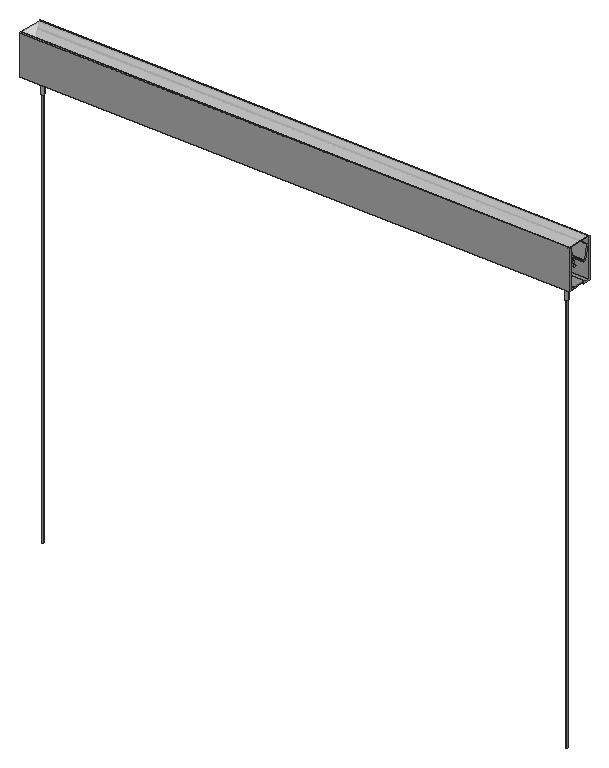
Revit family "2093094 Sylvania Lighting Fixture MC2 D I 1-2M 3K DALIEM WHT PRIS", category Lighting Fixtures, host Face, Revit 2016
Family settings
  Host = Face
  Part Type = Normal
  Round Connector Dimension = Use Diameter
  OmniClass Number = 23.80.70.11.17
  OmniClass Title = Specialized Lighting by Location or Use
  Cut with Voids When Loaded = No
  Light Source = Yes
  Shared = No
  Room Calculation Point = No
Parameters (values of type "2093094 MC2 D/I 1.2M 3K DALIEM WHT PRIS Emergency mode")
  Width_SYL = 54.0 mm
  Weight = "3.4 kg"
  Wattage = 35 W
  WarrantyStartDate [instance] = "n/a"
  WarrantyGuarantorParts = "n/a"
  WarrantyDurationUnit = "n/a"
  WarrantyDurationParts = "n/a"
  WarrantyDescription = "n/a"
  built-in parameter 1150110 = 1 (stored number, unit not read)
  Voltage = 0 V
  URL = "http://www.sylvania-lighting.com"
  TypeName = "MC2 D/I 1.2M 3K DALIEM WHT PRIS Emergency mode"
  built-in parameter 1114217 = 1 (stored number, unit not read)
  Tilt Angle = -90.00°
  built-in parameter 1150109 = 1 (stored number, unit not read)
  built-in parameter 1150134 = (empty or 0)
  built-in parameter 1150113 = 1 (stored number, unit not read)
  SerialNumber [instance] = "n/a"
  PowerFactor = 0.95
  PowerConsumption = "35 W"
  NominalWidth = 0.0 mm
  NominalLength = 1200.0 mm
  NominalHeight = 86.0 mm
  Name = "MC2 D/I 1.2M 3K DALIEM WHT PRIS Emergency mode"
  ModelReference = "MC2 D/I 1.2M 3K DALIEM WHT PRIS"
  ModelNumber = "2093094"
  Material_3_SYL = Metal_Sylvania_Mini Contiuum II_Silver
  Photometric Web File = "2093094EM.ies"
  Material_4_SYL = Metal_Sylvania_Mini Contiuum II_Silver
  MountingHeight_SYL [instance] = 1000.0 mm
  Material = "aluminium housing, polycarbonate diffuser"
  ManufacturerName = "Feilo Sylvania"
  LuminousEfficacy = "3.457 lm/W"
  LuminaireType = ""
  LightOutputRatio = "100"
  Length_SYL = 1200.0 mm
  LampsType = Lamp  # "LED"
  LampNominalLuminous = "121 lm"
  LampMacAdamStep = "3"
  LampColourTemperature = "3000 K"
  LampColourRenderingIndex = "80"
  Keynote = "16500"
  InstallationDate [instance] = "n/a"
  InputVoltage = "n/a"
  InputNominalFrequency = "n/a"
  IngressProtection = "IP20"
  ImpactProtectionIndex = "n/a"
  IfcExportType = "IfcLightFixtureType"
  IfcExportAs = "IfcLightFixtureType"
  Height_SYL = 86.0 mm
  ExpectedLife = 50000
  EndCapRight_SYL [instance] = no
  EndCapLeft_SYL [instance] = no
  Emit from Rectangle Width = Width_SYL - 2.0 mm  # 52.0 mm
  Emit from Rectangle Length = Length_SYL  # 1200.0 mm
  Emit Shape Visible in Rendering = no
  ElectricShockClassification = "Class I"
  DurationUnit = "hours"
  DocumentationLiterature = "http://www.sylvania-lighting.com/product/en-int/products/2093094"
  DimmingControlOptions = "n/a"
  CreatedOn = "10/15/2018"
  CreatedBy = "@sylvania-lighting.com"
  built-in parameter 1114216 [instance] = 1 (stored number, unit not read)
  Model = "MC2 D/I 1.2M 3K DALIEM WHT PRIS"
  Manufacturer = "Feilo Sylvania"
  built-in parameter 1150105 = 9.6289 (stored number, unit not read)
  Lumens = 121 lm
  built-in parameter 1150115 = 1 (stored number, unit not read)
  built-in parameter 1150137 = (empty or 0)
  built-in parameter 1150139 = (empty or 0)
  built-in parameter 1150112 = 1 (stored number, unit not read)
  built-in parameter 1150114 = 1 (stored number, unit not read)
  Lamp = "LED"
  built-in parameter 1150132 = 2
  built-in parameter 1150102 = (empty or 0)
  built-in parameter 1150107 = 3000 (stored number, unit not read)
  built-in parameter 1150138 = (empty or 0)
  built-in parameter 1150106 = 0.096289 (stored number, unit not read)
  Material_1_SYL = Metal_Sylvania_Mini Continuum II_White
  built-in parameter 1150104 = 0.32118 (stored number, unit not read)
  Dimming Lamp Color Temperature Shift = <None>
  Material_2_SYL = Polycarbonate_Sylvania_Mini Continuum II_Opal_4000K
  Description = "2093094   MC2 D/I 1.2M 3K DALIEM WHT PRIS  Continuous lines of LED light, white RAL 9016, direct/indirect distribution (65/35), various accessories available, compact and minimalist design based on the Golden Mean, ideal for offices, meeting rooms, corridors, education facilities, museums and libraries, extruded aluminium body, diffuser: micro prismatic, colour temperature: 3000K warm white, total system power: 35W, total fixture output: 3696lm, luminaire efficacy: 106lm/W, LOR: 100%, colour rendering: Ra >80, LED Chromacity: 1 step MacAdam ellipse, lifetime: 60,000 hours at 90% of the original output (L90), energy class: A++, A+, A, IR/UV free light source without heat radiation, operating voltage: 220-240V / 50-60Hz, drive current: (Direct) 800mA + (Indirect) 350mA, electronic driver, DALI dimmable, direct/indirect independently addressable, integral emergency: 3 hour maintained, electrical protection: CLASS I, IP20, suitable for internal environment only."
  Default Elevation = 0.0 mm
  Color Filter = 16777215
  built-in parameter 1140040 [instance] = 1
  BarCode [instance] = "n/a"
  built-in parameter 1114218 = 1 (stored number, unit not read)
  built-in parameter 1150133 = 10 (stored number, unit not read)
  AssetType = "Fixed"
  AssetIdentifier [instance] = "n/a"
  Assembly Code = "D5020200"
  Apparent Load = 35 VA
Types (2, lengths in mm): name | TypeName | Name | Photometric Web File | LuminousEfficacy | LampNominalLuminous | built-in parameter 1150105 | Lumens | built-in parameter 1150106 | built-in parameter 1150104
  2093094 MC2 D/I 1.2M 3K DALIEM WHT PRIS Emergency mode | "MC2 D/I 1.2M 3K DALIEM WHT PRIS Emergency mode" | "MC2 D/I 1.2M 3K DALIEM WHT PRIS Emergency mode" | "2093094EM.ies" | "3.457 lm/W" | "121 lm" | 9.6289 (stored number, unit not read) | 121 lm | 0.096289 (stored number, unit not read) | 0.32118 (stored number, unit not read)
  2093094 MC2 D/I 1.2M 3K DALIEM WHT PRIS | "MC2 D/I 1.2M 3K DALIEM WHT PRIS" | "MC2 D/I 1.2M 3K DALIEM WHT PRIS" | "2093094.ies" | "106 lm/W" | "3696 lm" | 295.23 (stored number, unit not read) | 3710 lm | 2.9523 (stored number, unit not read) | 9.8477 (stored number, unit not read)
Reference planes
  plane 1 "Center (Front/Back)": y = 0
  plane 2 "Bottom Fixtures": z = 0
  plane 3 "Center (Left/Right)": x = 0
  plane 4 "Fixture Left": x = -600
  plane 5 "Fixture Right": x = 600
  plane 6 "Fixture Bottom": z = 1000
  plane 7: z = 998
  plane 8: z = 996
  plane 9: z = 986.951
  plane 10: z = 956.951
  plane 11 "Fixture Top": z = 914
  plane 12 "Mounting Right": x = 572
  plane 13 "Mounting Left": x = -572
  plane 14: z = 879
  plane 15: y = 27
  plane 16: y = -27
  plane 17: y = -26
  plane 18: y = -25
  plane 19: y = 26
  plane 20: y = 25
  plane 21: y = 11
  plane 22: y = -11
  plane 23: y = 24
  plane 24: y = 22
  plane 25: y = -22
  plane 26: y = 15
  plane 27: y = -15
  plane 28 "Upper Diffuser Left": x = -450
  plane 29 "Upper Diffuser Right": x = 450
  plane 30: x = -602
  plane 31: x = 602
Forms (mm)
  Extrusion 1, solid, material "Metal_Sylvania_Mini Continuum II_White" <- "Material_1_SYL", detail levels fine
    sketch origin (0, 0, 520) x (0, 1, 0) y (0, 0, 1)
      loop
        line (27, 480) -> (26, 480) -> (26, 478) -> (25, 478) -> (25, 396) -> (13, 396) -> (13, 398) -> (-13, 398) -> (-13, 396) -> (-25, 396) -> (-25, 478) -> (-26, 478) -> (-26, 480) -> (-27, 480) -> (-27, 394) -> (-11, 394) -> (-11, 396) -> (11, 396) -> (11, 394) -> (27, 394) -> (27, 480)
    from -600 to 600
  Extrusion 2, solid, material "Polycarbonate_Sylvania_Mini Continuum II_Opal_4000K" <- "Material_2_SYL", detail levels fine
    sketch origin (0, 0, 520) x (0, 1, 0) y (0, 0, 1)
      loop
        line (-26, 480) -> (-26, 478) -> (26, 478) -> (26, 480) -> (-26, 480)
    from -600 to 600
  Extrusion 3, solid, material "Metal_Sylvania_Mini Contiuum II_Silver" <- "Material_3_SYL", detail levels fine
    sketch origin (0, 0, 520) x (0, 1, 0) y (0, 0, 1)
      loop
        line (22, 466.951) -> (20.973, 466.951) -> (14.206, 437.951) -> (11, 437.951) -> (11, 436.951) -> (15, 436.951) -> (22, 466.951)
      loop
        line (-15, 436.951) -> (-11, 436.951) -> (-11, 437.951) -> (-14.206, 437.951) -> (-20.973, 466.951) -> (-22, 466.951) -> (-15, 436.951)
    from -600 to 600
  Extrusion 4, solid, material "Metal_Sylvania_Mini Continuum II_White" <- "Material_1_SYL", detail levels coarse+medium
    sketch origin (0, 0, 520) x (0, 1, 0) y (0, 0, 1)
      loop
        line (-27, 480) -> (-27, 394) -> (27, 394) -> (27, 480) -> (-27, 480)
    from -600 to 600
  Extrusion 5, solid, material "Metal_Sylvania_Mini Contiuum II_Silver" <- "Material_4_SYL", detail levels fine
    sketch origin (0, 0, -86) x (-1, 0, 0) y (0, -1, 0)
      loop
        circle (572, 0) r 4
      loop
        circle (-572, 0) r 4
    from 965 to 1002
  Extrusion 6, solid, material "Metal_Sylvania_Mini Contiuum II_Silver" <- "Material_4_SYL", detail levels fine
    sketch origin (0, 0, -86) x (-1, 0, 0) y (0, -1, 0)
      loop
        circle (-572, 0) r 1
      loop
        circle (572, 0) r 1
    from 86 to 965
  Extrusion 7, solid, material "Polycarbonate_Sylvania_Mini Continuum II_Opal_4000K" <- "Material_2_SYL", detail levels fine
    sketch origin (0, 0, 0) x (0, 1, 0) y (0, 0, 1)
      loop
        arc (11, 916) -> (5.59, 914.504) -> (0, 914) r 31.25
        arc (0, 914) -> (-5.59, 914.504) -> (-11, 916) r 31.25
        line (-11, 916) -> (-11, 914.934)
        arc (-11, 914.934) -> (-5.584, 913.487) -> (0, 913) r 32.25
        arc (0, 913) -> (5.584, 913.487) -> (11, 914.934) r 32.25
        line (11, 914.934) -> (11, 916)
    from -450 to 450
  Extrusion 8, void
    sketch origin (0, 0, 0) x (0, 1, 0) y (0, 0, 1)
      loop
        line (11, 918) -> (-11, 918) -> (-11, 916) -> (11, 916) -> (11, 918)
    from -450 to 450
  Extrusion 9, solid, material "Metal_Sylvania_Mini Continuum II_White" <- "Material_1_SYL", visible <- "EndCapLeft_SYL"
    sketch origin (-600, 171.684, 1219.2) x (0, 1, 0) y (0, 0, 1)
      loop
        line (-198.684, -305.2) -> (-144.684, -305.2) -> (-144.684, -219.2) -> (-198.684, -219.2) -> (-198.684, -305.2)
    from 0 to -2
  Extrusion 10, solid, material "Metal_Sylvania_Mini Continuum II_White" <- "Material_1_SYL", visible <- "EndCapRight_SYL"
    sketch origin (600, 171.684, 1219.2) x (0, 1, 0) y (0, 0, -1)
      loop
        line (-144.684, 219.2) -> (-144.684, 305.2) -> (-198.684, 305.2) -> (-198.684, 219.2) -> (-144.684, 219.2)
    from 0 to -2
Cuts and joins
  Extrusion 8 cuts Extrusion 1
Lines and regions (mm)
  Masking region 1
    outline origin (0, 0, -86) x (-1, 0, 0) y (0, -1, 0)
      loop
        line (600, -27) -> (600, 27) -> (-600, 27) -> (-600, -27) -> (600, -27)
  symbolic lines, detail levels fine
    curve 1: line (-600, 26, -86) -> (600, 26, -86)
    curve 2: line (-600, -26, -86) -> (600, -26, -86)
  model lines, detail levels coarse+medium
    curve 3: line (-572, 0, 914) -> (-572, 0, 0)
    curve 4: line (572, 0, 914) -> (572, 0, 0)
Dimensions and locks
  host sketch curve to plane 3 "Center (Left/Right)" to host sketch curve = 820.0 mm, 775.047 mm
  equal spacing: plane 4 "Fixture Left", plane 3 "Center (Left/Right)", plane 5 "Fixture Right"
  "Length_SYL": plane 4 "Fixture Left" to plane 5 "Fixture Right"
  plane 6 "Fixture Bottom" to plane 7 to plane 8 to plane 9 to plane 10 = 2.0 mm locked, 2.0 mm locked, 9.049 mm locked, 30.0 mm locked
  locked: Extrusion 1 sketch curve to Extrusion 1 sketch curve at 2
  locked: Extrusion 1 sketch curve to plane 11 "Fixture Top" at 2
  "Height_SYL": plane 6 "Fixture Bottom" to plane 11 "Fixture Top"
  locked: plane 12 "Mounting Right" to plane 5 "Fixture Right" at 28
  locked: plane 4 "Fixture Left" to plane 13 "Mounting Left" at 28
  locked: plane 11 "Fixture Top" to plane 14 at 35
  "MountingHeight_SYL": plane 6 "Fixture Bottom" to plane 2 "Bottom Fixtures"
  equal spacing: plane 15, plane 1 "Center (Front/Back)", plane 16
  "Width_SYL": plane 15 to plane 16
  plane 22 to plane 27 to plane 25 to plane 18 to plane 17 to plane 16 = 4.0 mm locked, 7.0 mm locked, 3.0 mm locked, 1.0 mm locked, 1.0 mm locked
  plane 15 to plane 19 to plane 20 to plane 23 to plane 24 to plane 26 to plane 21 = 1.0 mm locked, 1.0 mm locked, 1.0 mm locked, 2.0 mm locked, 7.0 mm locked, 4.0 mm locked
  locked: plane 4 "Fixture Left" to plane 28 "Upper Diffuser Left" at 150
  locked: plane 29 "Upper Diffuser Right" to plane 5 "Fixture Right" at 150
  equal spacing: plane 30, plane 3 "Center (Left/Right)", plane 31
  locked: plane 30 to plane 4 "Fixture Left" at 2
  aligned and locked: plane 2 "Bottom Fixtures" to host face
  aligned and locked: level to host face
  aligned and locked: plane 5 "Fixture Right" to curve 1
  aligned and locked: plane 4 "Fixture Left" to curve 1
  aligned and locked: plane 4 "Fixture Left" to curve 2
  aligned and locked: plane 5 "Fixture Right" to curve 2
  aligned and locked: Extrusion 1 sketch curve to plane 7
  aligned and locked: plane 6 "Fixture Bottom" to Extrusion 1 sketch curve  (x2)
  aligned and locked: plane 7 to Extrusion 1 sketch curve
  aligned and locked: Extrusion 1 to Extrusion 2 sketch curve
  aligned and locked: Extrusion 2 sketch curve to Extrusion 1  (x3)
  aligned and locked: Extrusion 3 sketch curve to plane 10
  aligned and locked: plane 9 to Extrusion 3 sketch curve
  aligned and locked: Extrusion 3 sketch curve to plane 9
  aligned and locked: Extrusion 4 sketch curve to plane 6 "Fixture Bottom"
  aligned and locked: Extrusion 4 to plane 4 "Fixture Left"
  aligned and locked: Extrusion 2 to plane 4 "Fixture Left"
  aligned and locked: Extrusion 3 to plane 4 "Fixture Left"
  aligned and locked: Extrusion 1 to plane 4 "Fixture Left"
  aligned and locked: Extrusion 4 to plane 5 "Fixture Right"
  aligned and locked: Extrusion 2 to plane 5 "Fixture Right"
  aligned and locked: Extrusion 3 to plane 5 "Fixture Right"
  aligned and locked: Extrusion 1 to plane 5 "Fixture Right"
  aligned and locked: plane 11 "Fixture Top" to Extrusion 4 sketch curve
  aligned and locked: Extrusion 1 sketch curve to plane 11 "Fixture Top"  (x2)
  aligned and locked: Extrusion 1 sketch curve to Extrusion 1 sketch curve
  aligned and locked: plane 6 "Fixture Bottom" to imposter light
  aligned and locked: plane 11 "Fixture Top" to curve 3
  aligned and locked: plane 2 "Bottom Fixtures" to curve 3
  aligned and locked: plane 11 "Fixture Top" to curve 4
  aligned and locked: plane 2 "Bottom Fixtures" to curve 4
  aligned and locked: curve 4 to plane 12 "Mounting Right"
  aligned and locked: curve 3 to plane 13 "Mounting Left"
  aligned and locked: Extrusion 5 to Extrusion 1
  aligned and locked: Extrusion 5 to plane 14
  aligned and locked: plane 14 to Extrusion 6
  aligned and locked: Extrusion 6 to level
  aligned and locked: plane 11 "Fixture Top" to Extrusion 7 sketch curve
  aligned and locked: Extrusion 7 to plane 28 "Upper Diffuser Left"
  aligned and locked: Extrusion 7 to plane 29 "Upper Diffuser Right"
  aligned and locked: plane 21 to Extrusion 3 sketch curve
  aligned and locked: Extrusion 3 sketch curve to plane 22
  aligned and locked: Extrusion 8 sketch curve to plane 21
  aligned and locked: Extrusion 8 sketch curve to plane 22
  aligned and locked: Extrusion 8 sketch curve to Extrusion 1  (x2)
  aligned and locked: Extrusion 8 to Extrusion 7  (x2)
  aligned and locked: plane 21 to Extrusion 7 sketch curve
  aligned and locked: plane 1 "Center (Front/Back)" to Extrusion 7 sketch curve
  aligned and locked: plane 22 to Extrusion 7 sketch curve
  aligned and locked: Extrusion 9 sketch curve to Extrusion 4  (x4)
  aligned and locked: Extrusion 9 to plane 30
  aligned and locked: plane 4 "Fixture Left" to Extrusion 9
  aligned and locked: Extrusion 10 sketch curve to Extrusion 4  (x4)
  aligned and locked: plane 31 to Extrusion 10
  aligned and locked: plane 5 "Fixture Right" to Extrusion 10
Automatic sketch dimensions
  host sketch curve to host sketch curve = 1047.463 mm
  plane 19 to curve 1 = 0.0 mm
  curve 2 to plane 17 = 0.0 mm
  Masking region 1 sketch curve to plane 5 "Fixture Right" = 0.0 mm
  Masking region 1 sketch curve to plane 4 "Fixture Left" = 0.0 mm
  plane 15 to Masking region 1 sketch curve = 0.0 mm
  Masking region 1 sketch curve to plane 16 = 0.0 mm
  Extrusion 1 sketch curve to plane 16 = 0.0 mm
  Extrusion 1 sketch curve to plane 17 = 0.0 mm
  Extrusion 1 sketch curve to plane 18 = 0.0 mm
  Extrusion 1 sketch curve to plane 22 = 0.0 mm
  Extrusion 1 sketch curve to plane 21 = 0.0 mm
  Extrusion 1 sketch curve to plane 20 = 0.0 mm
  Extrusion 1 sketch curve to plane 19 = 0.0 mm
  Extrusion 1 sketch curve to plane 15 = 0.0 mm
  plane 11 "Fixture Top" to Extrusion 1 sketch curve = 2.0 mm
  Extrusion 1 sketch curve to plane 22 = 2.0 mm
  Extrusion 1 sketch curve to plane 21 = 2.0 mm
  Extrusion 3 sketch curve to plane 25 = 0.0 mm
  Extrusion 3 sketch curve to plane 27 = 0.0 mm
  Extrusion 3 sketch curve to plane 26 = 0.0 mm
  Extrusion 3 sketch curve to plane 24 = 0.0 mm
  plane 10 to Extrusion 3 sketch curve = 1.0 mm
  Extrusion 3 sketch curve to Extrusion 3 sketch curve = 1.027 mm
  plane 27 to Extrusion 3 sketch curve = 0.794 mm
  plane 26 to Extrusion 3 sketch curve = 0.794 mm
  plane 24 to Extrusion 3 sketch curve = 1.027 mm
  Extrusion 4 sketch curve to plane 16 = 0.0 mm
  Extrusion 4 sketch curve to plane 15 = 0.0 mm
  plane 1 "Center (Front/Back)" to Extrusion 5 sketch curve = 0.0 mm  (x2)
  Extrusion 5 sketch curve to plane 12 "Mounting Right" = 0.0 mm
  Extrusion 5 sketch curve to plane 13 "Mounting Left" = 0.0 mm
  plane 1 "Center (Front/Back)" to Extrusion 6 sketch curve = 0.0 mm  (x2)
  Extrusion 6 sketch curve to plane 12 "Mounting Right" = 0.0 mm
  Extrusion 6 sketch curve to plane 13 "Mounting Left" = 0.0 mm
  Extrusion 7 sketch curve to Extrusion 7 sketch curve = 0.0 mm  (x4)
  plane 11 "Fixture Top" to Extrusion 7 sketch curve = 0.934 mm
  Extrusion 3 sketch curve to Extrusion 3 sketch curve = 0.0 mm
  Extrusion 3 sketch curve to plane 10 = 0.0 mm
  plane 11 "Fixture Top" to Extrusion 7 sketch curve = 2.0 mm
  radius of Extrusion 5 sketch curve = 4.0 mm  (x2)
  radius of Extrusion 6 sketch curve = 1.0 mm  (x2)
Connectors
  electrical at (600, 0, 949), driven by "Apparent Load"
    settings: on Extrusion 1, index 1, voltage 230 V, apparent load 0 VA, apparent load phase1 35 VA, apparent load phase2 0 VA, apparent load phase3 0 VA, power factor 1, load classification "Lighting", number of poles 1, system type 31, power factor state 1, is connector primary yes, connector utility no, sub classification motor no, connector description ""
